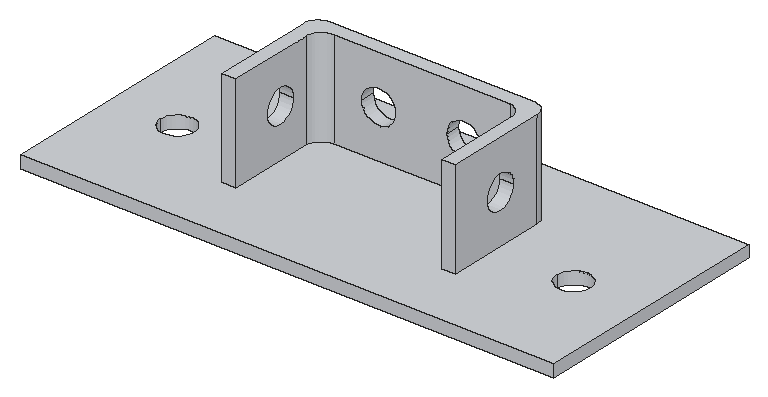
Revit family "MP35", category Generic Models, Revit 2017
Family settings
  Can host rebar = No
  Round Connector Dimension = Use Diameter
  Part Type = Normal
  Work Plane-Based = Yes
  Always vertical = No
  Cut with Voids When Loaded = No
  Shared = No
  Room Calculation Point = No
Parameters (values of type "NBS Standard Parameters")
  Weight = "1.268Kg"
  WarrantyStartDate [instance] = "1900-12-31T23:59:59"
  WarrantyGuarantorParts = "n/a"
  WarrantyGuarantorLabor = "n/a"
  WarrantyDurationUnit = "1 year"
  WarrantyDurationParts = "n/a"
  WarrantyDurationLabor = "n/a"
  WarrantyDescription = "n/a"
  Version = "1"
  Uniclass2 = "Pr_65_70_11_19"
  TagNumber [instance] = "n/a"
  SustainabilityPerformance = "n/a"
  Size = "n/a"
  Shape = "n/a"
  SerialNumber [instance] = "n/a"
  Revision = "n/a"
  ReplacementCost = "n/a"
  ProductInformation = "www.metpro.co.uk/pdf/mp35.pdf"
  NominalWidth = 100 mm
  NominalLength = 200 mm
  NominalHeight = 54 mm
  Name = ""
  NBSTypeID = ""
  NBSReference = "90-55-10/305"
  NBSOfficeMasterTag = ""
  NBSNote = ""
  NBSDescription = "Channel Cable Supports"
  NBSCertification = ""
  ModelReference = "MP35"
  ModelNumber = "n/a"
  Material = "Steel"
  ManufacturerURL = "www.metpro.co.uk"
  ManufacturerName = "Metpro Ltd"
  Keynote = "Compliant to Lu Standard 1-085"
  InstallationDate [instance] = "1900-12-31T23:59:59"
  IfcExportType = ""
  IfcExportAs = ""
  Grade = "n/a"
  Finish = "Hot Dipped Galvanised"
  Features = "n/a"
  ExpectedLife = "n/a"
  DurationUnit = "year"
  Description = "MP35  Double Channel Base Plate"
  Default Elevation = 1219.2 mm
  Constituents = "n/a"
  Color = "n/a"
  CodePerformance = "n/a"
  Category = "n/a"
  BarCode [instance] = "n/a"
  BIMObjectName = "metpro_metprolibrary_channelcablesupportsd_channelbracket"
  Author = "Metpro Ltd"
  AssetType = ""
  AssetIdentifier [instance] = "n/a"
  AccessibilityPerformance = "n/a"
Reference planes
  plane 1 "Center (Front/Back)": y = 0
  plane 2: z = 0
  plane 3 "Center (Left/Right)": x = 0
Forms (mm)
  Extrusion 1, solid
    sketch origin (-48.112, -212.515, 0) x (1, 0, 0) y (0, 1, 0)
      loop
        line (-24.304, 42.3) -> (47.803, 42.3)
        arc (47.803, 42.3) -> (52.073, 40.235) -> (53.803, 35.819) r 6.5
        line (53.803, 35.819) -> (53.803, 0) -> (59.503, 0) -> (59.503, 42)
        arc (59.503, 42) -> (57.746, 46.243) -> (53.503, 48) r 6
        line (53.503, 48) -> (-30.497, 48)
        arc (-30.497, 48) -> (-34.74, 46.243) -> (-36.497, 42) r 6
        line (-36.497, 42) -> (-36.497, 0) -> (-30.797, 0) -> (-30.797, 35.807)
        arc (-30.797, 35.807) -> (-28.895, 40.398) -> (-24.304, 42.3) r 6.493
    from 0 to 40
  Extrusion 2, solid
    sketch origin (-48.112, -212.515, 0) x (1, 0, 0) y (0, 1, 0)
      loop
        line (120.903, -26.358) -> (120.903, 73.642) -> (-98.197, 73.642) -> (-98.197, -26.358) -> (120.903, -26.358)
      loop
        circle (-70.797, 20) r 7
      loop
        circle (92.307, 19.825) r 7
    from -5 to 0
  Extrusion 3, void
    sketch origin (-41.822, -164.515, 0) x (-1, 0, 0) y (0, 0, -1)
      loop
        circle (-22.912, -20) r 7
      loop
        circle (12.088, -20) r 7
    from -5 to 5.7
  Extrusion 4, void
    sketch origin (11.391, -170.215, 0) x (0, 1, 0) y (0, 0, -1)
      loop
        circle (-19.3, -20) r 7
    from 0 to 96
Cuts and joins
  Extrusion 3, Extrusion 4 cuts Extrusion 1
Dimensions and locks
  aligned and locked: level to plane 2
